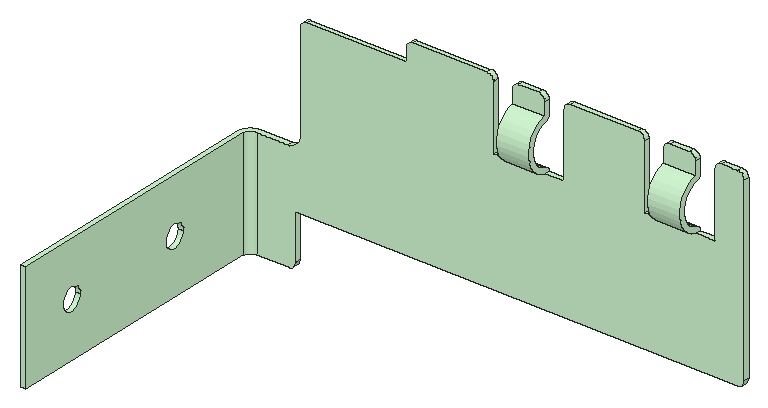
Revit family "eTLクロスH=8(30-35兼用ビス)左", category 機械設備, Revit 2020
Family settings
  丸型コネクタ寸法 = 直径を使用
  種別 = なし
  パーツ タイプ = 標準
  作業面ベース = いいえ
  常に垂直 = はい
  ロード時にボイドで切り取り = いいえ
  共有 = いいえ
  部屋計算ポイント = いいえ
Parameters
  製造元 = "株式会社桐井製作所"
  既定の高さ = 0 mm
  URL = "https://www.kirii.co.jp/"
  K_材質 = "溶融亜鉛めっき鋼板及び鋼帯 SGCC 一般用"
  K_品名 = "eTLクロスH=8(30-35兼用ビス)左"
  K_名称 = "eTLクロス"
  K_入数 = "400"
  K_備考 = "対象Tバー:eT4015、eY4815　対象Lバー:eL3025(30面)、eL3520(35面)"
  K_バージョン情報 = "20220411"
  K_めっき付着量 = "Z12"
  K_JIS規格 = "JIS G 3302"
Reference planes
  plane 1 "中心(正面/背面)": y = 0
  plane 2: z = 0
  plane 3 "中心(左/右)": x = 0
Forms (mm)
  Extrusion 1, solid
    sketch origin (0, 0, 0) x (1, 0, 0) y (0, 1, 0)
      loop
        line (69.8, -0.8) -> (69.8, 0) -> (-6, 0)
        arc (-6, 0) -> (-7.414, -0.586) -> (-8, -2) r 2
        line (-8, -2) -> (-8, -44.3) -> (-7.2, -44.3) -> (-7.2, -2)
        arc (-7.2, -2) -> (-6.849, -1.151) -> (-6, -0.8) r 1.2
        line (-6, -0.8) -> (69.8, -0.8)
    from -8 to 30
  Extrusion 2, void
    sketch origin (0, 0, 0) x (1, 0, 0) y (0, 0, 1)
      loop
        line (69.8, -8) -> (69.8, 1)
        arc (69.8, 1) -> (69.507, 0.293) -> (68.8, 0) r 1
        line (68.8, 0) -> (0, 0) -> (0, -7)
        arc (0, -7) -> (-0.293, -7.707) -> (-1, -8) r 1
        line (-1, -8) -> (69.8, -8)
    from 0 to 0.8
  Extrusion 3, void
    sketch origin (0, 0, 0) x (1, 0, 0) y (0, 0, 1)
      loop
        line (18.3, 30) -> (-8, 30) -> (-8, 9) -> (-1.2, 9)
        arc (-1.2, 9) -> (0.214, 9.586) -> (0.8, 11) r 2
        line (0.8, 11) -> (0.8, 26)
        arc (0.8, 26) -> (1.093, 26.707) -> (1.8, 27) r 1
        line (1.8, 27) -> (17.3, 27) -> (17.3, 29)
        arc (17.3, 29) -> (17.593, 29.707) -> (18.3, 30) r 1
    from 0 to 0.8
  Extrusion 4, void
    sketch origin (0, 0, 0) x (1, 0, 0) y (0, 0, 1)
      loop
        line (30.8, 19) -> (41.8, 19) -> (41.8, 29)
        arc (41.8, 29) -> (42.093, 29.707) -> (42.8, 30) r 1
        line (42.8, 30) -> (29.8, 30)
        arc (29.8, 30) -> (30.507, 29.707) -> (30.8, 29) r 1
        line (30.8, 29) -> (30.8, 19)
    from 0 to 0.8
  Extrusion 5, void
    sketch origin (0, 0, 0) x (1, 0, 0) y (0, 0, 1)
      loop
        line (54.3, 29) -> (54.3, 19) -> (65.3, 19) -> (65.3, 29)
        arc (65.3, 29) -> (65.593, 29.707) -> (66.3, 30) r 1
        line (66.3, 30) -> (53.3, 30)
        arc (53.3, 30) -> (54.007, 29.707) -> (54.3, 29) r 1
    from 0 to 0.8
  Extrusion 6, void
    sketch origin (0, 0, 0) x (1, 0, 0) y (0, 0, 1)
      loop
        line (69.8, 29) -> (69.8, 30) -> (68.8, 30)
        arc (68.8, 30) -> (69.507, 29.707) -> (69.8, 29) r 1
    from 0 to 0.8
  Extrusion 7, void
    sketch origin (0, 0, 0) x (0, 1, 0) y (0, 0, 1)
      loop
        line (-44.3, 30) -> (-44.3, 9) -> (0, 9) -> (0, 30) -> (-44.3, 30)
    from -8 to -6
  Extrusion 8, void
    sketch origin (0, 0, 0) x (0, 1, 0) y (0, 0, 1)
      loop
        circle (-15.3, 0.5) r 1.75
    from -8 to -7.2
  Extrusion 9, void
    sketch origin (0, 0, 0) x (0, 1, 0) y (0, 0, 1)
      loop
        circle (-35.3, 0.5) r 1.75
    from -8 to -7.2
  Extrusion 10, solid
    sketch origin (0, 0, 0) x (0, 1, 0) y (0, 0, 1)
      loop
        line (-0.8, 19) -> (0, 19)
        arc (0, 19) -> (-0.175, 19.5) -> (-0.624, 19.78) r 0.8
        arc (-0.624, 19.78) -> (-3.2, 23) -> (-0.624, 26.22) r 3.3
        arc (-0.624, 26.22) -> (-0.175, 26.5) -> (0, 27) r 0.8
        line (0, 27) -> (0, 30) -> (-0.8, 30) -> (-0.8, 27)
        arc (-0.8, 27) -> (-4, 23) -> (-0.8, 19) r 4.1
    from 33.8 to 38.8
  Extrusion 11, void
    sketch origin (0, 0, 0) x (1, 0, 0) y (0, 0, 1)
      loop
        line (34.8, 30) -> (33.8, 30) -> (33.8, 29)
        arc (33.8, 29) -> (34.093, 29.707) -> (34.8, 30) r 1
    from 0 to 0.8
  Extrusion 12, void
    sketch origin (0, 0, 0) x (1, 0, 0) y (0, 0, 1)
      loop
        line (38.8, 29) -> (38.8, 30) -> (37.8, 30)
        arc (37.8, 30) -> (38.507, 29.707) -> (38.8, 29) r 1
    from 0 to 0.8
  Extrusion 13, solid
    sketch origin (23.5, 0, 0) x (0, 1, 0) y (0, 0, 1)
      loop
        line (-0.8, 19) -> (0, 19)
        arc (0, 19) -> (-0.175, 19.5) -> (-0.624, 19.78) r 0.8
        arc (-0.624, 19.78) -> (-3.2, 23) -> (-0.624, 26.22) r 3.3
        arc (-0.624, 26.22) -> (-0.175, 26.5) -> (0, 27) r 0.8
        line (0, 27) -> (0, 30) -> (-0.8, 30) -> (-0.8, 27)
        arc (-0.8, 27) -> (-4, 23) -> (-0.8, 19) r 4.1
    from 33.8 to 38.8
  Extrusion 14, void
    sketch origin (23.5, 0, 0) x (1, 0, 0) y (0, 0, 1)
      loop
        line (34.8, 30) -> (33.8, 30) -> (33.8, 29)
        arc (33.8, 29) -> (34.093, 29.707) -> (34.8, 30) r 1
    from 0 to 0.8
  Extrusion 15, void
    sketch origin (23.5, 0, 0) x (1, 0, 0) y (0, 0, 1)
      loop
        line (38.8, 29) -> (38.8, 30) -> (37.8, 30)
        arc (37.8, 30) -> (38.507, 29.707) -> (38.8, 29) r 1
    from 0 to 0.8
Cuts and joins
  Extrusion 2, Extrusion 3, Extrusion 4, Extrusion 5, Extrusion 6, Extrusion 7, Extrusion 8, Extrusion 9, Extrusion 11, Extrusion 12, Extrusion 14, Extrusion 15 cuts Extrusion 1
  Extrusion 11, Extrusion 12, Extrusion 14, Extrusion 15 cuts Extrusion 10
  Extrusion 14, Extrusion 15 cuts Extrusion 13
  joined: Extrusion 1, Extrusion 10, Extrusion 13
Dimensions and locks
  aligned and locked: level to plane 2
